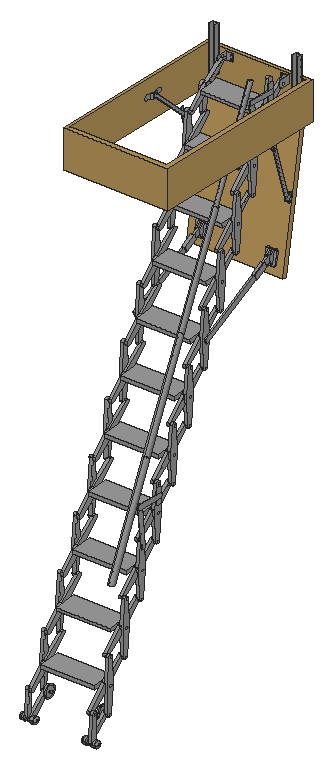
Revit family "schaartrap_Large 700x1200 mm", category Generic Models, Revit 2019
Family settings
  Can host rebar = No
  Round Connector Dimension = Use Diameter
  Part Type = Normal
  Work Plane-Based = Yes
  Always vertical = Yes
  Cut with Voids When Loaded = No
  Shared = Yes
  Room Calculation Point = No
Parameters
  schaartrap = gietaluminium
  deksel = hout
  bovenliggende treden = yes
  URL = "https://www.gortergroup.com/nl/producten/ladders-en-trappen/schaartrappen/large.html"
  Model = "Large 700x1200mm"  # constant formula
  Default Elevation = 1219.2 mm
Reference planes
  plane 1 "Center (Front/Back)": y = 0
  plane 2: z = 0
  plane 3 "Center (Left/Right)": x = 0
  plane 4: x = 183
  plane 5: x = -183
  plane 6: x = 203
  plane 7: x = 223
  plane 8: x = -203
  plane 9: x = -223
  plane 10: x = -176.5
  plane 11: x = 176.5
  plane 12: z = 3000.001
  plane 13: x = 342.5
  plane 14: x = -342.5
  plane 15: x = 176.5
  plane 16: x = 317.5
  plane 17: x = -317.5
  plane 18: x = 187
  plane 19: z = 3135.001
  plane 20: z = 3165.001
  plane 21: z = 3150.001
  plane 22: y = 1666.757
  plane 23: y = 476.757
  plane 24 "traplijn": through (0, 1385.188, 3125.362) normal (0, -0.9072, 0.4206)
  plane 25 "Center L/S": z = 3250.001
Forms (mm)
  Extrusion 1, solid, material "gietaluminium" <- "schaartrap", not visible
    sketch origin (0, 729.606, 0) x (0, 1, 0) y (0, 0, 1)
      loop
        arc (550.894, 624.877) -> (536.104, 624.358) -> (535.211, 609.585) r 11.002
        line (535.211, 609.585) -> (661.699, 491.815)
        arc (661.699, 491.815) -> (682.05, 493.563) -> (681.917, 513.988) r 15.051
        line (681.917, 513.988) -> (550.894, 624.877)
      loop
        arc (544.549, 753.068) -> (601.811, 706.763) -> (661.548, 663.697) r 1330.136
        arc (661.548, 663.697) -> (675.956, 665.49) -> (676.035, 680.01) r 11
        arc (676.035, 680.01) -> (619.059, 741.548) -> (558.318, 799.374) r 1330.136
        arc (558.318, 799.374) -> (490.797, 855.808) -> (419.689, 907.649) r 1330.136
        arc (419.689, 907.649) -> (405.399, 905.986) -> (404.977, 891.605) r 11
        arc (404.977, 891.605) -> (472.199, 819.754) -> (544.549, 753.068) r 1330.136
      loop
        arc (413.302, 1035.892) -> (470.565, 989.587) -> (530.302, 946.521) r 1330.136
        arc (530.302, 946.521) -> (544.71, 948.315) -> (544.788, 962.834) r 11
        arc (544.788, 962.834) -> (487.812, 1024.372) -> (427.071, 1082.198) r 1330.136
        arc (427.071, 1082.198) -> (359.551, 1138.633) -> (288.442, 1190.474) r 1330.136
        arc (288.442, 1190.474) -> (274.152, 1188.811) -> (273.73, 1174.43) r 11
        arc (273.73, 1174.43) -> (340.952, 1102.578) -> (413.302, 1035.892) r 1330.136
      loop
        arc (282.056, 1318.725) -> (339.318, 1272.419) -> (399.055, 1229.353) r 1330.136
        arc (399.055, 1229.353) -> (413.464, 1231.147) -> (413.542, 1245.666) r 11
        arc (413.542, 1245.666) -> (356.566, 1307.204) -> (295.825, 1365.03) r 1330.136
        arc (295.825, 1365.03) -> (228.305, 1421.465) -> (157.196, 1473.306) r 1330.136
        arc (157.196, 1473.306) -> (142.906, 1471.643) -> (142.484, 1457.262) r 11
        arc (142.484, 1457.262) -> (209.706, 1385.41) -> (282.056, 1318.725) r 1330.136
      loop
        arc (150.811, 1601.564) -> (208.073, 1555.259) -> (267.81, 1512.193) r 1330.136
        arc (267.81, 1512.193) -> (282.218, 1513.987) -> (282.297, 1528.506) r 11
        arc (282.297, 1528.506) -> (225.321, 1590.044) -> (164.58, 1647.87) r 1330.136
        arc (164.58, 1647.87) -> (97.059, 1704.304) -> (25.951, 1756.145) r 1330.136
        arc (25.951, 1756.145) -> (11.661, 1754.482) -> (11.238, 1740.102) r 11
        arc (11.238, 1740.102) -> (78.461, 1668.25) -> (150.811, 1601.564) r 1330.136
      loop
        arc (19.564, 1884.389) -> (76.826, 1838.083) -> (136.563, 1795.017) r 1330.136
        arc (136.563, 1795.017) -> (150.972, 1796.811) -> (151.05, 1811.33) r 11
        arc (151.05, 1811.33) -> (94.074, 1872.869) -> (33.333, 1930.694) r 1330.136
        arc (33.333, 1930.694) -> (-34.188, 1987.129) -> (-105.296, 2038.97) r 1330.136
        arc (-105.296, 2038.97) -> (-119.586, 2037.307) -> (-120.008, 2022.926) r 11
        arc (-120.008, 2022.926) -> (-52.786, 1951.074) -> (19.564, 1884.389) r 1330.136
      loop
        arc (-111.682, 2167.221) -> (-54.42, 2120.915) -> (5.317, 2077.85) r 1330.136
        arc (5.317, 2077.85) -> (19.725, 2079.643) -> (19.804, 2094.162) r 11
        arc (19.804, 2094.162) -> (-37.172, 2155.701) -> (-97.913, 2213.526) r 1330.136
        arc (-97.913, 2213.526) -> (-165.434, 2269.961) -> (-236.542, 2321.802) r 1330.136
        arc (-236.542, 2321.802) -> (-250.832, 2320.139) -> (-251.255, 2305.758) r 11
        arc (-251.255, 2305.758) -> (-184.032, 2233.906) -> (-111.682, 2167.221) r 1330.136
      loop
        arc (-242.928, 2450.053) -> (-185.666, 2403.747) -> (-125.929, 2360.682) r 1330.136
        arc (-125.929, 2360.682) -> (-111.521, 2362.475) -> (-111.442, 2376.994) r 11
        arc (-111.442, 2376.994) -> (-168.418, 2438.533) -> (-229.159, 2496.358) r 1330.136
        arc (-229.159, 2496.358) -> (-296.68, 2552.793) -> (-367.788, 2604.634) r 1330.136
        arc (-367.788, 2604.634) -> (-382.078, 2602.971) -> (-382.501, 2588.59) r 11
        arc (-382.501, 2588.59) -> (-315.278, 2516.738) -> (-242.928, 2450.053) r 1330.136
      loop
        arc (-374.174, 2732.885) -> (-316.912, 2686.579) -> (-257.175, 2643.514) r 1330.136
        arc (-257.175, 2643.514) -> (-242.767, 2645.307) -> (-242.688, 2659.826) r 11
        arc (-242.688, 2659.826) -> (-299.664, 2721.365) -> (-360.405, 2779.19) r 1330.136
        arc (-360.405, 2779.19) -> (-427.926, 2835.625) -> (-499.034, 2887.466) r 1330.136
        arc (-499.034, 2887.466) -> (-513.324, 2885.803) -> (-513.747, 2871.422) r 11
        arc (-513.747, 2871.422) -> (-446.524, 2799.571) -> (-374.174, 2732.885) r 1330.136
      loop
        arc (-505.42, 3015.717) -> (-448.158, 2969.411) -> (-388.421, 2926.346) r 1330.136
        arc (-388.421, 2926.346) -> (-374.013, 2928.139) -> (-373.934, 2942.658) r 11
        arc (-373.934, 2942.658) -> (-430.911, 3004.197) -> (-491.651, 3062.022) r 1330.136
        arc (-491.651, 3062.022) -> (-559.172, 3118.457) -> (-630.28, 3170.298) r 1330.136
        arc (-630.28, 3170.298) -> (-644.571, 3168.635) -> (-644.993, 3154.254) r 11
        arc (-644.993, 3154.254) -> (-577.77, 3082.403) -> (-505.42, 3015.717) r 1330.136
      loop
        arc (-636.666, 3298.549) -> (-579.404, 3252.243) -> (-519.667, 3209.178) r 1330.136
        arc (-519.667, 3209.178) -> (-505.259, 3210.971) -> (-505.181, 3225.49) r 11
        arc (-505.181, 3225.49) -> (-562.157, 3287.029) -> (-622.897, 3344.854) r 1330.136
        arc (-622.897, 3344.854) -> (-690.418, 3401.289) -> (-761.526, 3453.13) r 1330.136
        arc (-761.526, 3453.13) -> (-775.817, 3451.467) -> (-776.239, 3437.086) r 11
        arc (-776.239, 3437.086) -> (-709.016, 3365.235) -> (-636.666, 3298.549) r 1330.136
      loop
        arc (-771.25, 3572.827) -> (-711.901, 3530.426) -> (-650.317, 3491.343) r 1329.855
        arc (-650.317, 3491.343) -> (-636.315, 3493.932) -> (-637.08, 3508.15) r 10.786
        arc (-637.08, 3508.15) -> (-697.654, 3566.262) -> (-761.773, 3620.437) r 1330.167
        line (-761.773, 3620.437) -> (-898.357, 3713.664)
        arc (-898.357, 3713.664) -> (-912.875, 3711.778) -> (-912.66, 3697.139) r 11
        arc (-912.66, 3697.139) -> (-844.159, 3632.476) -> (-771.25, 3572.827) r 1329.46
    from 366 to 386
  Extrusion 2, solid, material "gietaluminium" <- "schaartrap", not visible
    sketch origin (0, 729.606, 0) x (0, 1, 0) y (0, 0, 1)
      loop
        line (686.845, 503.622) -> (678.728, 673.062)
        arc (678.728, 673.062) -> (667.464, 683.791) -> (656.735, 672.527) r 11
        line (656.735, 672.527) -> (656.868, 499.109)
        arc (656.868, 499.109) -> (673.811, 487.901) -> (686.687, 503.614) r 15.158
      loop
        arc (547.356, 957.309) -> (536.218, 966.623) -> (525.546, 956.779) r 11
        arc (525.546, 956.779) -> (518.626, 785.142) -> (533.882, 614.045) r 1330.136
        arc (533.882, 614.045) -> (545.02, 604.73) -> (555.692, 614.575) r 11
        arc (555.692, 614.575) -> (562.613, 786.212) -> (547.356, 957.309) r 1330.136
      loop
        arc (416.109, 1240.133) -> (404.971, 1249.448) -> (394.299, 1239.603) r 11
        arc (394.299, 1239.603) -> (387.379, 1067.966) -> (402.635, 896.869) r 1330.136
        arc (402.635, 896.869) -> (413.773, 887.555) -> (424.445, 897.4) r 11
        arc (424.445, 897.4) -> (431.366, 1069.036) -> (416.109, 1240.133) r 1330.136
      loop
        arc (284.863, 1522.965) -> (273.725, 1532.28) -> (263.053, 1522.435) r 11
        arc (263.053, 1522.435) -> (256.133, 1350.798) -> (271.389, 1179.701) r 1330.136
        arc (271.389, 1179.701) -> (282.527, 1170.387) -> (293.199, 1180.232) r 11
        arc (293.199, 1180.232) -> (300.12, 1351.868) -> (284.863, 1522.965) r 1330.136
      loop
        arc (22.371, 2088.63) -> (11.233, 2097.944) -> (0.561, 2088.099) r 11
        arc (0.561, 2088.099) -> (-6.359, 1916.463) -> (8.897, 1745.365) r 1330.136
        arc (8.897, 1745.365) -> (20.035, 1736.051) -> (30.707, 1745.896) r 11
        arc (30.707, 1745.896) -> (37.628, 1917.532) -> (22.371, 2088.63) r 1330.136
      loop
        arc (153.618, 1805.805) -> (142.48, 1815.12) -> (131.808, 1805.275) r 11
        arc (131.808, 1805.275) -> (124.887, 1633.638) -> (140.144, 1462.541) r 1330.136
        arc (140.144, 1462.541) -> (151.282, 1453.227) -> (161.954, 1463.071) r 11
        arc (161.954, 1463.071) -> (168.874, 1634.708) -> (153.618, 1805.805) r 1330.136
      loop
        arc (-240.122, 2654.286) -> (-251.26, 2663.6) -> (-261.932, 2653.756) r 11
        arc (-261.932, 2653.756) -> (-268.852, 2482.119) -> (-253.596, 2311.022) r 1330.136
        arc (-253.596, 2311.022) -> (-242.458, 2301.707) -> (-231.786, 2311.552) r 11
        arc (-231.786, 2311.552) -> (-224.865, 2483.189) -> (-240.122, 2654.286) r 1330.136
      loop
        arc (-371.368, 2937.118) -> (-382.506, 2946.432) -> (-393.178, 2936.588) r 11
        arc (-393.178, 2936.588) -> (-400.098, 2764.951) -> (-384.842, 2593.854) r 1330.136
        arc (-384.842, 2593.854) -> (-373.704, 2584.539) -> (-363.032, 2594.384) r 11
        arc (-363.032, 2594.384) -> (-356.111, 2766.021) -> (-371.368, 2937.118) r 1330.136
      loop
        arc (-502.614, 3219.95) -> (-513.752, 3229.264) -> (-524.424, 3219.42) r 11
        arc (-524.424, 3219.42) -> (-531.344, 3047.783) -> (-516.088, 2876.686) r 1330.136
        arc (-516.088, 2876.686) -> (-504.95, 2867.372) -> (-494.278, 2877.216) r 11
        arc (-494.278, 2877.216) -> (-487.357, 3048.853) -> (-502.614, 3219.95) r 1330.136
      loop
        arc (-108.875, 2371.462) -> (-120.013, 2380.776) -> (-130.685, 2370.931) r 11
        arc (-130.685, 2370.931) -> (-137.605, 2199.295) -> (-122.349, 2028.197) r 1330.136
        arc (-122.349, 2028.197) -> (-111.211, 2018.883) -> (-100.539, 2028.728) r 11
        arc (-100.539, 2028.728) -> (-93.618, 2200.364) -> (-108.875, 2371.462) r 1330.136
      loop
        arc (-633.86, 3502.782) -> (-644.998, 3512.097) -> (-655.67, 3502.252) r 11
        arc (-655.67, 3502.252) -> (-662.59, 3330.615) -> (-647.334, 3159.518) r 1330.136
        arc (-647.334, 3159.518) -> (-636.196, 3150.204) -> (-625.524, 3160.048) r 11
        arc (-625.524, 3160.048) -> (-618.603, 3331.685) -> (-633.86, 3502.782) r 1330.136
    from 386 to 406
  Extrusion 3, solid, material "gietaluminium" <- "schaartrap", not visible
    sketch origin (0, 729.606, 0) x (0, 1, 0) y (0, 0, 1)
      loop
        circle (667.732, 672.795) r 5.05
      loop
        circle (544.613, 615.679) r 5
      loop
        circle (540.619, 785.677) r 5.05
      loop
        circle (413.507, 898.559) r 5.05
      loop
        circle (536.486, 955.627) r 5.05
      loop
        circle (409.373, 1068.509) r 5.05
      loop
        circle (282.261, 1181.391) r 5.05
      loop
        circle (405.239, 1238.459) r 5.05
      loop
        circle (278.127, 1351.341) r 5.05
      loop
        circle (151.014, 1464.223) r 5.05
      loop
        circle (146.881, 1634.173) r 5.05
      loop
        circle (142.747, 1804.123) r 5.05
      loop
        circle (19.768, 1747.055) r 5.05
      loop
        circle (15.635, 1917.005) r 5.05
      loop
        circle (11.501, 2086.955) r 5.05
      loop
        circle (-111.478, 2029.887) r 5.05
      loop
        circle (-115.611, 2199.837) r 5.05
      loop
        circle (-119.745, 2369.787) r 5.05
      loop
        circle (-242.724, 2312.72) r 5.05
      loop
        circle (-246.857, 2482.669) r 5.05
      loop
        circle (-250.991, 2652.619) r 5.05
      loop
        circle (-373.97, 2595.552) r 5.05
      loop
        circle (-378.103, 2765.501) r 5.05
      loop
        circle (-382.237, 2935.451) r 5.05
      loop
        circle (-505.216, 2878.384) r 5.05
      loop
        circle (-509.349, 3048.333) r 5.05
      loop
        circle (-513.483, 3218.283) r 5.05
      loop
        circle (-636.462, 3161.216) r 5.05
      loop
        circle (-640.596, 3331.165) r 5.05
      loop
        circle (-644.729, 3501.115) r 5.05
    from 406 to 411
  Extrusion 4, solid, material "gietaluminium" <- "schaartrap"
    sketch origin (0, 1421.409, -482.845) x (0, -1, 0) y (0, 0, -1)
      loop
        line (1339.959, -796.561) -> (1337.84, -772.662) -> (1201.376, -784.762) -> (1203.495, -808.66) -> (1339.959, -796.561)
      loop
        line (1208.712, -1079.385) -> (1206.594, -1055.487) -> (1070.129, -1067.586) -> (1072.248, -1091.484) -> (1208.712, -1079.385)
      loop
        line (946.221, -1645.057) -> (944.102, -1621.159) -> (807.637, -1633.258) -> (809.756, -1657.156) -> (946.221, -1645.057)
      loop
        line (1077.466, -1362.217) -> (1075.347, -1338.319) -> (938.883, -1350.418) -> (941.002, -1374.317) -> (1077.466, -1362.217)
      loop
        line (814.974, -1927.881) -> (812.855, -1903.983) -> (676.391, -1916.082) -> (678.51, -1939.981) -> (814.974, -1927.881)
      loop
        line (683.728, -2210.713) -> (681.609, -2186.815) -> (545.145, -2198.914) -> (547.263, -2222.813) -> (683.728, -2210.713)
      loop
        line (552.482, -2493.546) -> (550.363, -2469.647) -> (413.898, -2481.746) -> (416.017, -2505.645) -> (552.482, -2493.546)
      loop
        line (421.236, -2776.378) -> (419.117, -2752.479) -> (282.652, -2764.578) -> (284.771, -2788.477) -> (421.236, -2776.378)
      loop
        line (289.99, -3059.21) -> (287.871, -3035.311) -> (151.406, -3047.41) -> (153.525, -3071.309) -> (289.99, -3059.21)
      loop
        line (158.744, -3342.042) -> (156.625, -3318.143) -> (20.16, -3330.242) -> (22.279, -3354.141) -> (158.744, -3342.042)
      loop
        line (27.498, -3607.374) -> (25.379, -3583.475) -> (-111.086, -3595.574) -> (-108.967, -3619.473) -> (27.498, -3607.374)
    from -176.5 to 176.5
  Extrusion 5, solid, material "gietaluminium" <- "schaartrap", not visible
    sketch origin (-7, 2496.627, 468.641) x (0, 1, 0) y (0, 0, 1)
      loop
        arc (-1198.101, 115.163) -> (-1183.936, 158.467) -> (-1219.504, 186.941) r 40
        arc (-1219.504, 186.941) -> (-1260.6, 135.606) -> (-1198.101, 115.163) r 40
      loop
        arc (-1200.948, 116.796) -> (-1186.85, 157.739) -> (-1221.263, 184.023) r 37
        arc (-1221.263, 184.023) -> (-1257.686, 136.334) -> (-1200.948, 116.796) r 37
    from 359 to 370
  Extrusion 6, solid, material "gietaluminium" <- "schaartrap", not visible
    sketch origin (183, 2496.627, 468.641) x (0, 1, 0) y (0, 0, 1)
      loop
        arc (-1221.263, 184.023) -> (-1257.686, 136.334) -> (-1200.948, 116.796) r 37
        arc (-1200.948, 116.796) -> (-1186.85, 157.739) -> (-1221.263, 184.023) r 37
    from 173 to 176.5
  Extrusion 7, solid, material "gietaluminium" <- "schaartrap", not visible
    sketch origin (701, 2496.627, 468.641) x (0, 1, 0) y (0, 0, -1)
      loop
        circle (-1222.268, -147.037) r 5
    from 359 to 335
  Extrusion 8, solid, material "gietaluminium" <- "schaartrap"
    sketch origin (183, 691.803, -482.845) x (0, -1, 0) y (0, 0, 1)
      loop
        arc (550.894, 624.877) -> (536.104, 624.358) -> (535.211, 609.585) r 11.002
        line (535.211, 609.585) -> (661.699, 491.815)
        arc (661.699, 491.815) -> (682.05, 493.563) -> (681.917, 513.988) r 15.051
        line (681.917, 513.988) -> (550.894, 624.877)
      loop
        arc (544.549, 753.068) -> (601.811, 706.763) -> (661.548, 663.697) r 1330.136
        arc (661.548, 663.697) -> (675.956, 665.49) -> (676.035, 680.01) r 11
        arc (676.035, 680.01) -> (619.059, 741.548) -> (558.318, 799.374) r 1330.136
        arc (558.318, 799.374) -> (490.797, 855.808) -> (419.689, 907.649) r 1330.136
        arc (419.689, 907.649) -> (405.399, 905.986) -> (404.977, 891.605) r 11
        arc (404.977, 891.605) -> (472.199, 819.754) -> (544.549, 753.068) r 1330.136
      loop
        arc (413.302, 1035.892) -> (470.565, 989.587) -> (530.302, 946.521) r 1330.136
        arc (530.302, 946.521) -> (544.71, 948.315) -> (544.788, 962.834) r 11
        arc (544.788, 962.834) -> (487.812, 1024.372) -> (427.071, 1082.198) r 1330.136
        arc (427.071, 1082.198) -> (359.551, 1138.633) -> (288.442, 1190.474) r 1330.136
        arc (288.442, 1190.474) -> (274.152, 1188.811) -> (273.73, 1174.43) r 11
        arc (273.73, 1174.43) -> (340.952, 1102.578) -> (413.302, 1035.892) r 1330.136
      loop
        arc (282.056, 1318.725) -> (339.318, 1272.419) -> (399.055, 1229.353) r 1330.136
        arc (399.055, 1229.353) -> (413.464, 1231.147) -> (413.542, 1245.666) r 11
        arc (413.542, 1245.666) -> (356.566, 1307.204) -> (295.825, 1365.03) r 1330.136
        arc (295.825, 1365.03) -> (228.305, 1421.465) -> (157.196, 1473.306) r 1330.136
        arc (157.196, 1473.306) -> (142.906, 1471.643) -> (142.484, 1457.262) r 11
        arc (142.484, 1457.262) -> (209.706, 1385.41) -> (282.056, 1318.725) r 1330.136
      loop
        arc (150.811, 1601.564) -> (208.073, 1555.259) -> (267.81, 1512.193) r 1330.136
        arc (267.81, 1512.193) -> (282.218, 1513.987) -> (282.297, 1528.506) r 11
        arc (282.297, 1528.506) -> (225.321, 1590.044) -> (164.58, 1647.87) r 1330.136
        arc (164.58, 1647.87) -> (97.059, 1704.304) -> (25.951, 1756.145) r 1330.136
        arc (25.951, 1756.145) -> (11.661, 1754.482) -> (11.238, 1740.102) r 11
        arc (11.238, 1740.102) -> (78.461, 1668.25) -> (150.811, 1601.564) r 1330.136
      loop
        arc (19.564, 1884.389) -> (76.826, 1838.083) -> (136.563, 1795.017) r 1330.136
        arc (136.563, 1795.017) -> (150.972, 1796.811) -> (151.05, 1811.33) r 11
        arc (151.05, 1811.33) -> (94.074, 1872.869) -> (33.333, 1930.694) r 1330.136
        arc (33.333, 1930.694) -> (-34.188, 1987.129) -> (-105.296, 2038.97) r 1330.136
        arc (-105.296, 2038.97) -> (-119.586, 2037.307) -> (-120.008, 2022.926) r 11
        arc (-120.008, 2022.926) -> (-52.786, 1951.074) -> (19.564, 1884.389) r 1330.136
      loop
        arc (-111.682, 2167.221) -> (-54.42, 2120.915) -> (5.317, 2077.85) r 1330.136
        arc (5.317, 2077.85) -> (19.725, 2079.643) -> (19.804, 2094.162) r 11
        arc (19.804, 2094.162) -> (-37.172, 2155.701) -> (-97.913, 2213.526) r 1330.136
        arc (-97.913, 2213.526) -> (-165.434, 2269.961) -> (-236.542, 2321.802) r 1330.136
        arc (-236.542, 2321.802) -> (-250.832, 2320.139) -> (-251.255, 2305.758) r 11
        arc (-251.255, 2305.758) -> (-184.032, 2233.906) -> (-111.682, 2167.221) r 1330.136
      loop
        arc (-242.928, 2450.053) -> (-185.666, 2403.747) -> (-125.929, 2360.682) r 1330.136
        arc (-125.929, 2360.682) -> (-111.521, 2362.475) -> (-111.442, 2376.994) r 11
        arc (-111.442, 2376.994) -> (-168.418, 2438.533) -> (-229.159, 2496.358) r 1330.136
        arc (-229.159, 2496.358) -> (-296.68, 2552.793) -> (-367.788, 2604.634) r 1330.136
        arc (-367.788, 2604.634) -> (-382.078, 2602.971) -> (-382.501, 2588.59) r 11
        arc (-382.501, 2588.59) -> (-315.278, 2516.738) -> (-242.928, 2450.053) r 1330.136
      loop
        arc (-374.174, 2732.885) -> (-316.912, 2686.579) -> (-257.175, 2643.514) r 1330.136
        arc (-257.175, 2643.514) -> (-242.767, 2645.307) -> (-242.688, 2659.826) r 11
        arc (-242.688, 2659.826) -> (-299.664, 2721.365) -> (-360.405, 2779.19) r 1330.136
        arc (-360.405, 2779.19) -> (-427.926, 2835.625) -> (-499.034, 2887.466) r 1330.136
        arc (-499.034, 2887.466) -> (-513.324, 2885.803) -> (-513.747, 2871.422) r 11
        arc (-513.747, 2871.422) -> (-446.524, 2799.571) -> (-374.174, 2732.885) r 1330.136
      loop
        arc (-505.42, 3015.717) -> (-448.158, 2969.411) -> (-388.421, 2926.346) r 1330.136
        arc (-388.421, 2926.346) -> (-374.013, 2928.139) -> (-373.934, 2942.658) r 11
        arc (-373.934, 2942.658) -> (-430.911, 3004.197) -> (-491.651, 3062.022) r 1330.136
        arc (-491.651, 3062.022) -> (-559.172, 3118.457) -> (-630.28, 3170.298) r 1330.136
        arc (-630.28, 3170.298) -> (-644.571, 3168.635) -> (-644.993, 3154.254) r 11
        arc (-644.993, 3154.254) -> (-577.77, 3082.403) -> (-505.42, 3015.717) r 1330.136
      loop
        arc (-636.666, 3298.549) -> (-579.404, 3252.243) -> (-519.667, 3209.178) r 1330.136
        arc (-519.667, 3209.178) -> (-505.259, 3210.971) -> (-505.181, 3225.49) r 11
        arc (-505.181, 3225.49) -> (-562.157, 3287.029) -> (-622.897, 3344.854) r 1330.136
        arc (-622.897, 3344.854) -> (-690.418, 3401.289) -> (-761.526, 3453.13) r 1330.136
        arc (-761.526, 3453.13) -> (-775.817, 3451.467) -> (-776.239, 3437.086) r 11
        arc (-776.239, 3437.086) -> (-709.016, 3365.235) -> (-636.666, 3298.549) r 1330.136
      loop
        arc (-771.25, 3572.827) -> (-711.901, 3530.426) -> (-650.317, 3491.343) r 1329.855
        arc (-650.317, 3491.343) -> (-636.315, 3493.932) -> (-637.08, 3508.15) r 10.786
        arc (-637.08, 3508.15) -> (-697.654, 3566.262) -> (-761.773, 3620.437) r 1330.167
        line (-761.773, 3620.437) -> (-898.357, 3713.664)
        arc (-898.357, 3713.664) -> (-912.875, 3711.778) -> (-912.66, 3697.139) r 11
        arc (-912.66, 3697.139) -> (-844.159, 3632.476) -> (-771.25, 3572.827) r 1329.46
    from 366 to 386
  Extrusion 9, solid, material "gietaluminium" <- "schaartrap"
    sketch origin (183, 691.803, -482.845) x (0, -1, 0) y (0, 0, 1)
      loop
        line (686.845, 503.622) -> (678.728, 673.062)
        arc (678.728, 673.062) -> (667.464, 683.791) -> (656.735, 672.527) r 11
        line (656.735, 672.527) -> (656.868, 499.109)
        arc (656.868, 499.109) -> (673.811, 487.901) -> (686.687, 503.614) r 15.158
      loop
        arc (547.356, 957.309) -> (536.218, 966.623) -> (525.546, 956.779) r 11
        arc (525.546, 956.779) -> (518.626, 785.142) -> (533.882, 614.045) r 1330.136
        arc (533.882, 614.045) -> (545.02, 604.73) -> (555.692, 614.575) r 11
        arc (555.692, 614.575) -> (562.613, 786.212) -> (547.356, 957.309) r 1330.136
      loop
        arc (416.109, 1240.133) -> (404.971, 1249.448) -> (394.299, 1239.603) r 11
        arc (394.299, 1239.603) -> (387.379, 1067.966) -> (402.635, 896.869) r 1330.136
        arc (402.635, 896.869) -> (413.773, 887.555) -> (424.445, 897.4) r 11
        arc (424.445, 897.4) -> (431.366, 1069.036) -> (416.109, 1240.133) r 1330.136
      loop
        arc (284.863, 1522.965) -> (273.725, 1532.28) -> (263.053, 1522.435) r 11
        arc (263.053, 1522.435) -> (256.133, 1350.798) -> (271.389, 1179.701) r 1330.136
        arc (271.389, 1179.701) -> (282.527, 1170.387) -> (293.199, 1180.232) r 11
        arc (293.199, 1180.232) -> (300.12, 1351.868) -> (284.863, 1522.965) r 1330.136
      loop
        arc (22.371, 2088.63) -> (11.233, 2097.944) -> (0.561, 2088.099) r 11
        arc (0.561, 2088.099) -> (-6.359, 1916.463) -> (8.897, 1745.365) r 1330.136
        arc (8.897, 1745.365) -> (20.035, 1736.051) -> (30.707, 1745.896) r 11
        arc (30.707, 1745.896) -> (37.628, 1917.532) -> (22.371, 2088.63) r 1330.136
      loop
        arc (153.618, 1805.805) -> (142.48, 1815.12) -> (131.808, 1805.275) r 11
        arc (131.808, 1805.275) -> (124.887, 1633.638) -> (140.144, 1462.541) r 1330.136
        arc (140.144, 1462.541) -> (151.282, 1453.227) -> (161.954, 1463.071) r 11
        arc (161.954, 1463.071) -> (168.874, 1634.708) -> (153.618, 1805.805) r 1330.136
      loop
        arc (-240.122, 2654.286) -> (-251.26, 2663.6) -> (-261.932, 2653.756) r 11
        arc (-261.932, 2653.756) -> (-268.852, 2482.119) -> (-253.596, 2311.022) r 1330.136
        arc (-253.596, 2311.022) -> (-242.458, 2301.707) -> (-231.786, 2311.552) r 11
        arc (-231.786, 2311.552) -> (-224.865, 2483.189) -> (-240.122, 2654.286) r 1330.136
      loop
        arc (-371.368, 2937.118) -> (-382.506, 2946.432) -> (-393.178, 2936.588) r 11
        arc (-393.178, 2936.588) -> (-400.098, 2764.951) -> (-384.842, 2593.854) r 1330.136
        arc (-384.842, 2593.854) -> (-373.704, 2584.539) -> (-363.032, 2594.384) r 11
        arc (-363.032, 2594.384) -> (-356.111, 2766.021) -> (-371.368, 2937.118) r 1330.136
      loop
        arc (-502.614, 3219.95) -> (-513.752, 3229.264) -> (-524.424, 3219.42) r 11
        arc (-524.424, 3219.42) -> (-531.344, 3047.783) -> (-516.088, 2876.686) r 1330.136
        arc (-516.088, 2876.686) -> (-504.95, 2867.372) -> (-494.278, 2877.216) r 11
        arc (-494.278, 2877.216) -> (-487.357, 3048.853) -> (-502.614, 3219.95) r 1330.136
      loop
        arc (-108.875, 2371.462) -> (-120.013, 2380.776) -> (-130.685, 2370.931) r 11
        arc (-130.685, 2370.931) -> (-137.605, 2199.295) -> (-122.349, 2028.197) r 1330.136
        arc (-122.349, 2028.197) -> (-111.211, 2018.883) -> (-100.539, 2028.728) r 11
        arc (-100.539, 2028.728) -> (-93.618, 2200.364) -> (-108.875, 2371.462) r 1330.136
      loop
        arc (-633.86, 3502.782) -> (-644.998, 3512.097) -> (-655.67, 3502.252) r 11
        arc (-655.67, 3502.252) -> (-662.59, 3330.615) -> (-647.334, 3159.518) r 1330.136
        arc (-647.334, 3159.518) -> (-636.196, 3150.204) -> (-625.524, 3160.048) r 11
        arc (-625.524, 3160.048) -> (-618.603, 3331.685) -> (-633.86, 3502.782) r 1330.136
    from 386 to 406
  Extrusion 10, solid, material "gietaluminium" <- "schaartrap"
    sketch origin (183, 691.803, -482.845) x (0, -1, 0) y (0, 0, 1)
      loop
        circle (667.732, 672.795) r 5.05
      loop
        circle (544.613, 615.679) r 5
      loop
        circle (540.619, 785.677) r 5.05
      loop
        circle (413.507, 898.559) r 5.05
      loop
        circle (536.486, 955.627) r 5.05
      loop
        circle (409.373, 1068.509) r 5.05
      loop
        circle (282.261, 1181.391) r 5.05
      loop
        circle (405.239, 1238.459) r 5.05
      loop
        circle (278.127, 1351.341) r 5.05
      loop
        circle (151.014, 1464.223) r 5.05
      loop
        circle (146.881, 1634.173) r 5.05
      loop
        circle (142.747, 1804.123) r 5.05
      loop
        circle (19.768, 1747.055) r 5.05
      loop
        circle (15.635, 1917.005) r 5.05
      loop
        circle (11.501, 2086.955) r 5.05
      loop
        circle (-111.478, 2029.887) r 5.05
      loop
        circle (-115.611, 2199.837) r 5.05
      loop
        circle (-119.745, 2369.787) r 5.05
      loop
        circle (-242.724, 2312.72) r 5.05
      loop
        circle (-246.857, 2482.669) r 5.05
      loop
        circle (-250.991, 2652.619) r 5.05
      loop
        circle (-373.97, 2595.552) r 5.05
      loop
        circle (-378.103, 2765.501) r 5.05
      loop
        circle (-382.237, 2935.451) r 5.05
      loop
        circle (-505.216, 2878.384) r 5.05
      loop
        circle (-509.349, 3048.333) r 5.05
      loop
        circle (-513.483, 3218.283) r 5.05
      loop
        circle (-636.462, 3161.216) r 5.05
      loop
        circle (-640.596, 3331.165) r 5.05
      loop
        circle (-644.729, 3501.115) r 5.05
    from 406 to 411
  Extrusion 11, solid, material "gietaluminium" <- "schaartrap"
    sketch origin (190, -1075.218, -14.204) x (0, -1, 0) y (0, 0, 1)
      loop
        arc (-1198.101, 115.163) -> (-1183.936, 158.467) -> (-1219.504, 186.941) r 40
        arc (-1219.504, 186.941) -> (-1260.6, 135.606) -> (-1198.101, 115.163) r 40
      loop
        arc (-1200.948, 116.796) -> (-1186.85, 157.739) -> (-1221.263, 184.023) r 37
        arc (-1221.263, 184.023) -> (-1257.686, 136.334) -> (-1200.948, 116.796) r 37
    from 359 to 370
  Extrusion 12, solid, material "gietaluminium" <- "schaartrap"
    sketch origin (0, -1075.218, -14.204) x (0, -1, 0) y (0, 0, 1)
      loop
        arc (-1221.263, 184.023) -> (-1257.686, 136.334) -> (-1200.948, 116.796) r 37
        arc (-1200.948, 116.796) -> (-1186.85, 157.739) -> (-1221.263, 184.023) r 37
    from 173 to 176.5
  Extrusion 13, solid, material "gietaluminium" <- "schaartrap"
    sketch origin (-518, -1075.218, -14.204) x (0, -1, 0) y (0, 0, -1)
      loop
        circle (-1222.268, -147.037) r 5
    from 359 to 335
  Extrusion 14, solid, material "hout" <- "deksel"
    sketch origin (0, 566.635, 0) x (0, 1, 0) y (0, 0, 1)
      loop
        line (1057.928, 2991.895) -> (1034.293, 2996.062) -> (887.386, 2162.915) -> (911.022, 2158.748) -> (1057.928, 2991.895)
    from -317.5 to 317.5
  Sweep 15, solid, material "hout" <- "deksel"
    path origin (0, 566.635, 3320.001) x (0, 1, 0) y (-1, 0, 0)
      loop
        line (1100.122, 342.5) -> (-89.878, 342.5) -> (-89.878, -342.5) -> (1100.122, -342.5) -> (1100.122, 342.5)
    profile origin (0, 1666.757, 3320.001) x (0, 1, 0) y (0, 0, 1)
      loop
        line (0, -70) -> (-24, -70) -> (-24, -320) -> (0, -320) -> (0, -70)
  Sweep 16, solid, material "gietaluminium" <- "schaartrap"
    path origin (216.86, -45.119, -481.845) x (0, 0.998572, -0.053426) y (0, 0.053426, 0.998572)
      loop
        line (138.969, 1377.523) -> (396.642, 2020.838)
    profile origin (216.86, 313.084, 1200.601) x (0, -0.907114, 0.420886) y (1, 0, 0)
      loop
        circle (0, 0) r 20
  Sweep 17, solid, material "gietaluminium" <- "schaartrap"
    path origin (216.86, 203.624, 54.259) x (0, 0.998572, -0.053426) y (0, 0.053426, 0.998572)
      loop
        line (176.895, 1472.21) -> (425.701, 2093.387)
    profile origin (216.86, 599.739, 1818.415) x (0, -0.907114, 0.420886) y (1, 0, 0)
      loop
        circle (0, 0) r 17.5
  Sweep 18, solid, material "gietaluminium" <- "schaartrap"
    path origin (216.86, 416.228, 512.473) x (0, 0.998572, -0.053426) y (0, 0.053426, 0.998572)
      loop
        line (237.881, 1624.47) -> (491.137, 2256.757)
    profile origin (216.86, 883.895, 2430.841) x (0, -0.907114, 0.420886) y (1, 0, 0)
      loop
        circle (0, 0) r 15
  Sweep 19, solid, material "gietaluminium" <- "schaartrap"
    path origin (216.86, 627.964, 968.817) x (0, 0.998572, -0.053426) y (0, 0.053426, 0.998572)
      loop
        line (304.083, 1789.753) -> (557.416, 2422.233)
    profile origin (216.86, 1170.613, 3048.789) x (0, -0.907114, 0.420886) y (1, 0, 0)
      loop
        circle (0, 0) r 12.5
  Extrusion 20, solid, material "gietaluminium" <- "schaartrap"
    sketch origin (0, -105.706, -268.493) x (0, 0.98948, -0.144668) y (0, 0.144668, 0.98948)
      loop
        line (257, 1578.327) -> (319.569, 1325.967)
        arc (319.569, 1325.967) -> (335.331, 1324.724) -> (348.687, 1333.187) r 25
        line (348.687, 1333.187) -> (286.119, 1585.546)
        arc (286.119, 1585.546) -> (270.356, 1586.789) -> (257, 1578.327) r 25
    from 228 to 223
  Extrusion 21, solid, material "gietaluminium" <- "schaartrap"
    sketch origin (0, -105.709, -268.464) x (0, 0.98948, -0.144669) y (0, 0.144669, 0.98948)
      loop
        line (435.226, 1611.925) -> (260.054, 1590.65)
        arc (260.054, 1590.65) -> (257.872, 1575.275) -> (263.671, 1560.869) r 30
        line (263.671, 1560.869) -> (438.843, 1582.144)
        arc (438.843, 1582.144) -> (441.025, 1597.519) -> (435.226, 1611.925) r 30
    from 228 to 233
  Extrusion 22, solid, material "gietaluminium" <- "schaartrap"
    sketch origin (0, -105.709, -268.464) x (0, 0.98948, -0.144669) y (0, 0.144669, 0.98948)
      loop
        arc (417.587, 1545.835) -> (432.962, 1543.654) -> (447.368, 1549.452) r 30
        line (447.368, 1549.452) -> (435.678, 1645.707)
        arc (435.678, 1645.707) -> (420.302, 1647.888) -> (405.896, 1642.09) r 30
        line (405.896, 1642.09) -> (417.587, 1545.835)
    from 223 to 228
  Sweep 23, solid, material "gietaluminium" <- "schaartrap", not visible
    path origin (216.86, 0, 0) x (0, 1, 0) y (0, 0, 1)
      loop
        line (138.969, 1377.523) -> (396.642, 2020.838)
    profile origin (216.86, 267.806, 1699.18) x (0, -0.928304, 0.371822) y (1, 0, 0)
      loop
        circle (0, 0) r 20
  Sweep 24, solid, material "gietaluminium" <- "schaartrap", not visible
    path origin (216.86, 219.747, 548.628) x (0, 1, 0) y (0, 0, 1)
      loop
        line (176.895, 1472.21) -> (425.701, 2093.387)
    profile origin (216.86, 521.045, 2331.426) x (0, -0.928304, 0.371822) y (1, 0, 0)
      loop
        circle (0, 0) r 17.5
  Sweep 25, solid, material "gietaluminium" <- "schaartrap", not visible
    path origin (216.86, 407.566, 1017.546) x (0, 1, 0) y (0, 0, 1)
      loop
        line (237.881, 1624.47) -> (491.137, 2256.757)
    profile origin (216.86, 772.075, 2958.159) x (0, -0.928304, 0.371822) y (1, 0, 0)
      loop
        circle (0, 0) r 15
  Sweep 26, solid, material "gietaluminium" <- "schaartrap", not visible
    path origin (216.86, 594.62, 1484.55) x (0, 1, 0) y (0, 0, 1)
      loop
        line (304.083, 1789.753) -> (557.416, 2422.233)
    profile origin (216.86, 1025.369, 3590.543) x (0, -0.928304, 0.371822) y (1, 0, 0)
      loop
        circle (0, 0) r 12.5
  Extrusion 27, solid, material "gietaluminium" <- "schaartrap", not visible
    sketch origin (0, -71.899, 209.81) x (0, 0.995796, -0.091598) y (0, 0.091598, 0.995796)
      loop
        line (257, 1578.327) -> (319.569, 1325.967)
        arc (319.569, 1325.967) -> (335.331, 1324.724) -> (348.687, 1333.187) r 25
        line (348.687, 1333.187) -> (286.119, 1585.546)
        arc (286.119, 1585.546) -> (270.356, 1586.789) -> (257, 1578.327) r 25
    from 228 to 223
  Extrusion 28, solid, material "gietaluminium" <- "schaartrap", not visible
    sketch origin (0, -71.903, 209.839) x (0, 0.995796, -0.091598) y (0, 0.091598, 0.995796)
      loop
        line (435.226, 1611.925) -> (260.054, 1590.65)
        arc (260.054, 1590.65) -> (257.872, 1575.275) -> (263.671, 1560.869) r 30
        line (263.671, 1560.869) -> (438.843, 1582.144)
        arc (438.843, 1582.144) -> (441.025, 1597.519) -> (435.226, 1611.925) r 30
    from 228 to 233
  Extrusion 29, solid, material "gietaluminium" <- "schaartrap", not visible
    sketch origin (0, -71.903, 209.839) x (0, 0.995796, -0.091598) y (0, 0.091598, 0.995796)
      loop
        arc (417.587, 1545.835) -> (432.962, 1543.654) -> (447.368, 1549.452) r 30
        line (447.368, 1549.452) -> (435.678, 1645.707)
        arc (435.678, 1645.707) -> (420.302, 1647.888) -> (405.896, 1642.09) r 30
        line (405.896, 1642.09) -> (417.587, 1545.835)
    from 223 to 228
  Extrusion 30, solid, material "gietaluminium" <- "schaartrap"
    sketch origin (0, 35.69, -307.68) x (0, 0.998572, -0.053426) y (0, 0.053426, 0.998572)
      loop
        line (280.038, 1590.328) -> (244.48, 1604.57) -> (233.326, 1576.721) -> (269.458, 1562.249)
        arc (269.458, 1562.249) -> (279.429, 1574.524) -> (280.038, 1590.328) r 25
    from 218 to 223
  Extrusion 31, solid, material "gietaluminium" <- "schaartrap", not visible
    sketch origin (0, 71.389, 178.233) x (0, 1, 0) y (0, 0, 1)
      loop
        line (280.038, 1590.328) -> (244.48, 1604.57) -> (233.326, 1576.721) -> (269.458, 1562.249)
        arc (269.458, 1562.249) -> (279.429, 1574.524) -> (280.038, 1590.328) r 25
    from 218 to 223
  Extrusion 32, solid, material "gietaluminium" <- "schaartrap"
    sketch origin (0, 1459.943, 2196.499) x (0, 0.173648, 0.984808) y (-1, 0, 0)
      loop
        arc (108.842, -205) -> (105.913, -197.929) -> (98.842, -195) r 10
        line (98.842, -195) -> (25.004, -195)
        arc (25.004, -195) -> (17.933, -197.929) -> (15.004, -205) r 10
        line (15.004, -205) -> (15.004, -256)
        arc (15.004, -256) -> (17.933, -263.071) -> (25.004, -266) r 10
        line (25.004, -266) -> (98.842, -266)
        arc (98.842, -266) -> (105.913, -263.071) -> (108.842, -256) r 10
        line (108.842, -256) -> (108.842, -205)
    from 0 to 8
  Extrusion 33, solid, material "gietaluminium" <- "schaartrap", not visible
    sketch origin (183, 2818.661, 1072.766) x (0, 0.911966, 0.410266) y (0, -0.410266, 0.911966)
      loop
        line (-1925.718, 2685.563) -> (-1554.136, 2223.041) -> (-1530.748, 2241.83) -> (-1902.33, 2704.352) -> (-1925.718, 2685.563)
      loop
        circle (-1551.837, 2244.129) r 5.25
      loop
        circle (-1564.363, 2259.721) r 5.25
      loop
        circle (-1576.889, 2275.313) r 5.25
    from 223 to 238
  Extrusion 34, solid, material "gietaluminium" <- "schaartrap", not visible
    sketch origin (183, 2902.726, 1161.446) x (0, 0.911966, 0.410266) y (0, -0.410266, 0.911966)
      loop
        line (-2007.022, 2595.674) -> (-1950.655, 2525.512) -> (-1923.369, 2547.433) -> (-1979.737, 2617.595) -> (-2007.022, 2595.674)
    from 220 to 241
  Extrusion 35, solid, material "gietaluminium" <- "schaartrap", not visible
    sketch origin (183, 1982.15, 516.274) x (0, 1, 0) y (0, 0, 1)
      loop
        line (-2031.039, 2267.866) -> (-2016.05, 2182.859) -> (-1998.143, 2221.083)
        arc (-1998.143, 2221.083) -> (-1996.798, 2228.913) -> (-1999.642, 2236.332) r 15
        line (-1999.642, 2236.332) -> (-2001.139, 2238.071) -> (-2031.039, 2267.866)
      loop
        circle (-2011.726, 2227.446) r 4
    from 238 to 246
  Extrusion 36, solid, material "gietaluminium" <- "schaartrap", not visible
    sketch origin (160, 1993.939, 516.274) x (0, 1, 0) y (0, 0, 1)
      loop
        line (-2042.827, 2267.866) -> (-2027.838, 2182.859) -> (-2009.932, 2221.083)
        arc (-2009.932, 2221.083) -> (-2008.587, 2228.913) -> (-2011.43, 2236.332) r 15
        line (-2011.43, 2236.332) -> (-2012.927, 2238.071) -> (-2042.827, 2267.866)
      loop
        circle (-2023.515, 2227.446) r 4
    from 238 to 246
  Extrusion 37, solid, material "gietaluminium" <- "schaartrap"
    sketch origin (0, -1397.252, 589.921) x (0, -0.911966, 0.410266) y (0, 0.410266, 0.911966)
      loop
        line (-1925.718, 2685.563) -> (-1554.136, 2223.041) -> (-1530.748, 2241.83) -> (-1902.33, 2704.352) -> (-1925.718, 2685.563)
      loop
        circle (-1551.837, 2244.129) r 5.25
      loop
        circle (-1564.363, 2259.721) r 5.25
      loop
        circle (-1576.889, 2275.313) r 5.25
    from 223 to 238
  Extrusion 38, solid, material "gietaluminium" <- "schaartrap"
    sketch origin (0, -1481.317, 678.602) x (0, -0.911966, 0.410266) y (0, 0.410266, 0.911966)
      loop
        line (-2007.022, 2595.674) -> (-1950.655, 2525.512) -> (-1923.369, 2547.433) -> (-1979.737, 2617.595) -> (-2007.022, 2595.674)
    from 220 to 241
  Extrusion 39, solid, material "gietaluminium" <- "schaartrap"
    sketch origin (0, -560.741, 33.429) x (0, -1, 0) y (0, 0, 1)
      loop
        line (-2031.039, 2267.866) -> (-2016.05, 2182.859) -> (-1998.143, 2221.083)
        arc (-1998.143, 2221.083) -> (-1996.798, 2228.913) -> (-1999.642, 2236.332) r 15
        line (-1999.642, 2236.332) -> (-2001.139, 2238.071) -> (-2031.039, 2267.866)
      loop
        circle (-2011.726, 2227.446) r 4
    from 238 to 246
  Extrusion 40, solid, material "gietaluminium" <- "schaartrap"
    sketch origin (23, -572.53, 33.429) x (0, -1, 0) y (0, 0, 1)
      loop
        line (-2042.827, 2267.866) -> (-2027.838, 2182.859) -> (-2009.932, 2221.083)
        arc (-2009.932, 2221.083) -> (-2008.587, 2228.913) -> (-2011.43, 2236.332) r 15
        line (-2011.43, 2236.332) -> (-2012.927, 2238.071) -> (-2042.827, 2267.866)
      loop
        circle (-2023.515, 2227.446) r 4
    from 238 to 246
  Extrusion 41, solid, material "gietaluminium" <- "schaartrap"
    sketch origin (0, 1459.943, 2196.499) x (0, 0.173648, 0.984808) y (-1, 0, 0)
      loop
        line (108.842, 205) -> (108.842, 256)
        arc (108.842, 256) -> (105.913, 263.071) -> (98.842, 266) r 10
        line (98.842, 266) -> (25.004, 266)
        arc (25.004, 266) -> (17.933, 263.071) -> (15.004, 256) r 10
        line (15.004, 256) -> (15.004, 205)
        arc (15.004, 205) -> (17.933, 197.929) -> (25.004, 195) r 10
        line (25.004, 195) -> (98.842, 195)
        arc (98.842, 195) -> (105.913, 197.929) -> (108.842, 205) r 10
    from 0 to 8
  Extrusion 42, solid, material "gietaluminium" <- "schaartrap"
    sketch origin (0, -555.226, 0) x (1, 0, 0) y (0, 1, 0)
      loop
        line (-318.5, 1781.233) -> (-318.5, 1757.57) -> (-302.5, 1746.367) -> (-302.5, 1717.598) -> (-318.5, 1706.395) -> (-318.5, 1682.733) -> (-315.5, 1682.733) -> (-315.5, 1704.833) -> (-299.5, 1716.037) -> (-299.5, 1747.929) -> (-315.5, 1759.132) -> (-315.5, 1781.233) -> (-318.5, 1781.233)
    from 3135.001 to 3165.001
  Extrusion 43, void
    sketch origin (0, 578.044, 0) x (0, 1, 0) y (0, 0, 1)
      loop
        circle (557.712, 3150.001) r 3.25
      loop
        circle (639.712, 3150.001) r 3.25
    from -342.5 to 342.5
  Extrusion 44, solid, material "gietaluminium" <- "schaartrap"
    sketch origin (-9.5, -568.39, 63.512) x (0, 0.999989, -0.004751) y (0, 0.004751, 0.999989)
      loop
        line (2051.771, 2558.45) -> (2069.739, 2568.057) -> (1959.068, 2927.306) -> (1939.955, 2921.418) -> (2051.771, 2558.45)
    from -294 to -290
  Extrusion 45, solid, material "gietaluminium" <- "schaartrap"
    sketch origin (-9.5, -556.226, 59.034) x (0, 1, 0) y (0, 0, 1)
      loop
        arc (2053.342, 2553.899) -> (2050.262, 2549.65) -> (2051.703, 2544.603) r 6
        line (2051.703, 2544.603) -> (2079.028, 2514.114) -> (2089.447, 2573.203) -> (2053.342, 2553.899)
      loop
        circle (2064.049, 2547.218) r 4
    from -298 to -294
  Extrusion 46, solid, material "gietaluminium" <- "schaartrap"
    sketch origin (-9.5, 1520.658, 2540.829) x (0, 0.173648, 0.984808) y (-1, 0, 0)
      loop
        line (92.201, 263.5) -> (92.201, 298) -> (32.201, 298) -> (32.201, 263.5) -> (92.201, 263.5)
    from 0 to 3.5
  Extrusion 47, solid, material "gietaluminium" <- "schaartrap"
    sketch origin (-9.5, -554.676, 59.45) x (0, 1, 0) y (0, 0, 1)
      loop
        circle (1960.123, 2884.573) r 4
    from -299 to -294
  Extrusion 48, solid, material "gietaluminium" <- "schaartrap"
    sketch origin (0, -555.226, 0) x (0, 1, 0) y (0, 0, 1)
      loop
        line (1781.233, 3165.001) -> (1781.233, 3135.001)
        arc (1781.233, 3135.001) -> (1796.233, 3150.001) -> (1781.233, 3165.001) r 15
      loop
        arc (1682.733, 3165.001) -> (1667.733, 3150.001) -> (1682.733, 3135.001) r 15
        line (1682.733, 3135.001) -> (1682.733, 3165.001)
    from -318.5 to -315.5
  Extrusion 49, void
    sketch origin (0, 578.044, 0) x (0, 1, 0) y (0, 0, 1)
      loop
        circle (598.712, 3150.001) r 3.25
      loop
        circle (827.403, 2944.023) r 4
    from -317.5 to 318.5
  Extrusion 50, solid, material "gietaluminium" <- "schaartrap", not visible
    sketch origin (192.5, 1989.799, 546.357) x (0, -0.999989, -0.004751) y (0, -0.004751, 0.999989)
      loop
        line (2051.771, 2558.45) -> (2069.739, 2568.057) -> (1959.068, 2927.306) -> (1939.955, 2921.418) -> (2051.771, 2558.45)
    from -294 to -290
  Extrusion 51, solid, material "gietaluminium" <- "schaartrap", not visible
    sketch origin (192.5, 1977.635, 541.879) x (0, -1, 0) y (0, 0, 1)
      loop
        arc (2053.342, 2553.899) -> (2050.262, 2549.65) -> (2051.703, 2544.603) r 6
        line (2051.703, 2544.603) -> (2079.028, 2514.114) -> (2089.447, 2573.203) -> (2053.342, 2553.899)
      loop
        circle (2064.049, 2547.218) r 4
    from -298 to -294
  Extrusion 52, solid, material "gietaluminium" <- "schaartrap", not visible
    sketch origin (192.5, 1976.085, 542.294) x (0, -1, 0) y (0, 0, 1)
      loop
        circle (1960.123, 2884.573) r 4
    from -299 to -294
  Extrusion 53, solid, material "gietaluminium" <- "schaartrap"
    sketch origin (9.5, 1520.658, 2540.829) x (0, 0.173648, 0.984808) y (-1, 0, 0)
      loop
        line (92.201, -263.5) -> (32.201, -263.5) -> (32.201, -298) -> (92.201, -298) -> (92.201, -263.5)
    from 0 to 3.5
  Extrusion 54, void
    sketch origin (0, 578.044, -70) x (0, 1, 0) y (0, 0, 1)
      loop
        circle (1047.17, 3434.035) r 5.25
      loop
        circle (1047.17, 3414.035) r 5.25
      loop
        circle (1047.17, 3394.035) r 5.25
      loop
        circle (1047.17, 3374.035) r 5.25
      loop
        circle (1047.17, 3354.035) r 5.25
      loop
        circle (1047.17, 3334.035) r 5.25
      loop
        circle (1047.17, 3314.035) r 5.25
      loop
        circle (1047.17, 3294.035) r 5.25
      loop
        circle (1047.17, 3274.035) r 5.25
      loop
        circle (1047.17, 3254.035) r 5.25
      loop
        circle (1047.17, 3234.035) r 5.25
      loop
        circle (1047.17, 3214.035) r 5.25
      loop
        circle (1047.17, 3194.035) r 5.25
      loop
        circle (1047.17, 3174.035) r 5.25
      loop
        arc (1040.712, 3159.035) -> (1034.35, 3161.67) -> (1031.715, 3168.033) r 8.998
        line (1031.715, 3168.033) -> (1026.715, 3168.033) -> (1026.715, 3153.033) -> (1040.712, 3153.033) -> (1040.712, 3159.035)
    from -292.5 to -252.5
  Extrusion 55, solid, material "gietaluminium" <- "schaartrap"
    sketch origin (0, 288.139, -495.345) x (0, -1, 0) y (0, 0, 1)
      loop
        circle (136.955, 785.677) r 21
      loop
        circle (5.708, 1068.501) r 21
      loop
        circle (-125.538, 1351.333) r 21
      loop
        circle (-256.783, 1634.173) r 21
      loop
        circle (-388.03, 1916.997) r 21
      loop
        circle (-519.276, 2199.83) r 21
      loop
        circle (-650.522, 2482.662) r 21
      loop
        circle (-781.768, 2765.494) r 21
      loop
        circle (-913.014, 3048.326) r 21
      loop
        circle (-1044.26, 3331.158) r 21
      loop
        circle (-1175.506, 3613.99) r 21
    from 183 to 180
  Extrusion 56, solid, material "gietaluminium" <- "schaartrap", not visible
    sketch origin (183, 1133.27, -12.5) x (0, 1, 0) y (0, 0, 1)
      loop
        circle (136.955, 785.677) r 21
      loop
        circle (5.708, 1068.501) r 21
      loop
        circle (-125.538, 1351.333) r 21
      loop
        circle (-256.783, 1634.173) r 21
      loop
        circle (-388.03, 1916.997) r 21
      loop
        circle (-519.276, 2199.83) r 21
      loop
        circle (-650.522, 2482.662) r 21
      loop
        circle (-781.768, 2765.494) r 21
      loop
        circle (-913.014, 3048.326) r 21
      loop
        circle (-1044.26, 3331.158) r 21
      loop
        circle (-1175.506, 3613.99) r 21
    from 183 to 180
  Extrusion 57, solid, material "gietaluminium" <- "schaartrap"
    sketch origin (-183, -691.803, -482.845) x (0, 1, 0) y (0, 0, 1)
      loop
        line (832.711, 624.877) -> (701.688, 513.988)
        arc (701.688, 513.988) -> (701.555, 493.563) -> (721.906, 491.815) r 15.051
        line (721.906, 491.815) -> (848.394, 609.585)
        arc (848.394, 609.585) -> (847.502, 624.358) -> (832.711, 624.877) r 11.002
      loop
        arc (839.056, 753.068) -> (911.406, 819.754) -> (978.629, 891.605) r 1330.136
        arc (978.629, 891.605) -> (978.207, 905.986) -> (963.916, 907.649) r 11
        arc (963.916, 907.649) -> (892.808, 855.808) -> (825.287, 799.374) r 1330.136
        arc (825.287, 799.374) -> (764.547, 741.548) -> (707.571, 680.01) r 1330.136
        arc (707.571, 680.01) -> (707.649, 665.49) -> (722.057, 663.697) r 11
        arc (722.057, 663.697) -> (781.794, 706.763) -> (839.056, 753.068) r 1330.136
      loop
        arc (970.303, 1035.892) -> (1042.653, 1102.578) -> (1109.876, 1174.43) r 1330.136
        arc (1109.876, 1174.43) -> (1109.453, 1188.811) -> (1095.163, 1190.474) r 11
        arc (1095.163, 1190.474) -> (1024.055, 1138.633) -> (956.534, 1082.198) r 1330.136
        arc (956.534, 1082.198) -> (895.793, 1024.372) -> (838.817, 962.834) r 1330.136
        arc (838.817, 962.834) -> (838.896, 948.315) -> (853.304, 946.521) r 11
        arc (853.304, 946.521) -> (913.041, 989.587) -> (970.303, 1035.892) r 1330.136
      loop
        arc (1101.549, 1318.725) -> (1173.899, 1385.41) -> (1241.122, 1457.262) r 1330.136
        arc (1241.122, 1457.262) -> (1240.699, 1471.643) -> (1226.409, 1473.306) r 11
        arc (1226.409, 1473.306) -> (1155.301, 1421.465) -> (1087.78, 1365.03) r 1330.136
        arc (1087.78, 1365.03) -> (1027.039, 1307.204) -> (970.063, 1245.666) r 1330.136
        arc (970.063, 1245.666) -> (970.142, 1231.147) -> (984.55, 1229.353) r 11
        arc (984.55, 1229.353) -> (1044.287, 1272.419) -> (1101.549, 1318.725) r 1330.136
      loop
        arc (1232.794, 1601.564) -> (1305.144, 1668.25) -> (1372.367, 1740.102) r 1330.136
        arc (1372.367, 1740.102) -> (1371.945, 1754.482) -> (1357.654, 1756.145) r 11
        arc (1357.654, 1756.145) -> (1286.546, 1704.304) -> (1219.026, 1647.87) r 1330.136
        arc (1219.026, 1647.87) -> (1158.285, 1590.044) -> (1101.309, 1528.506) r 1330.136
        arc (1101.309, 1528.506) -> (1101.387, 1513.987) -> (1115.795, 1512.193) r 11
        arc (1115.795, 1512.193) -> (1175.532, 1555.259) -> (1232.794, 1601.564) r 1330.136
      loop
        arc (1364.041, 1884.389) -> (1436.391, 1951.074) -> (1503.614, 2022.926) r 1330.136
        arc (1503.614, 2022.926) -> (1503.192, 2037.307) -> (1488.901, 2038.97) r 11
        arc (1488.901, 2038.97) -> (1417.793, 1987.129) -> (1350.272, 1930.694) r 1330.136
        arc (1350.272, 1930.694) -> (1289.532, 1872.869) -> (1232.556, 1811.33) r 1330.136
        arc (1232.556, 1811.33) -> (1232.634, 1796.811) -> (1247.042, 1795.017) r 11
        arc (1247.042, 1795.017) -> (1306.779, 1838.083) -> (1364.041, 1884.389) r 1330.136
      loop
        arc (1495.287, 2167.221) -> (1567.637, 2233.906) -> (1634.86, 2305.758) r 1330.136
        arc (1634.86, 2305.758) -> (1634.438, 2320.139) -> (1620.147, 2321.802) r 11
        arc (1620.147, 2321.802) -> (1549.039, 2269.961) -> (1481.518, 2213.526) r 1330.136
        arc (1481.518, 2213.526) -> (1420.778, 2155.701) -> (1363.802, 2094.162) r 1330.136
        arc (1363.802, 2094.162) -> (1363.88, 2079.643) -> (1378.288, 2077.85) r 11
        arc (1378.288, 2077.85) -> (1438.025, 2120.915) -> (1495.287, 2167.221) r 1330.136
      loop
        arc (1626.533, 2450.053) -> (1698.883, 2516.738) -> (1766.106, 2588.59) r 1330.136
        arc (1766.106, 2588.59) -> (1765.684, 2602.971) -> (1751.393, 2604.634) r 11
        arc (1751.393, 2604.634) -> (1680.285, 2552.793) -> (1612.765, 2496.358) r 1330.136
        arc (1612.765, 2496.358) -> (1552.024, 2438.533) -> (1495.048, 2376.994) r 1330.136
        arc (1495.048, 2376.994) -> (1495.126, 2362.475) -> (1509.534, 2360.682) r 11
        arc (1509.534, 2360.682) -> (1569.271, 2403.747) -> (1626.533, 2450.053) r 1330.136
      loop
        arc (1757.779, 2732.885) -> (1830.129, 2799.571) -> (1897.352, 2871.422) r 1330.136
        arc (1897.352, 2871.422) -> (1896.93, 2885.803) -> (1882.639, 2887.466) r 11
        arc (1882.639, 2887.466) -> (1811.531, 2835.625) -> (1744.011, 2779.19) r 1330.136
        arc (1744.011, 2779.19) -> (1683.27, 2721.365) -> (1626.294, 2659.826) r 1330.136
        arc (1626.294, 2659.826) -> (1626.372, 2645.307) -> (1640.78, 2643.514) r 11
        arc (1640.78, 2643.514) -> (1700.517, 2686.579) -> (1757.779, 2732.885) r 1330.136
      loop
        arc (1889.025, 3015.717) -> (1961.376, 3082.403) -> (2028.598, 3154.254) r 1330.136
        arc (2028.598, 3154.254) -> (2028.176, 3168.635) -> (2013.885, 3170.298) r 11
        arc (2013.885, 3170.298) -> (1942.777, 3118.457) -> (1875.257, 3062.022) r 1330.136
        arc (1875.257, 3062.022) -> (1814.516, 3004.197) -> (1757.54, 2942.658) r 1330.136
        arc (1757.54, 2942.658) -> (1757.618, 2928.139) -> (1772.026, 2926.346) r 11
        arc (1772.026, 2926.346) -> (1831.763, 2969.411) -> (1889.025, 3015.717) r 1330.136
      loop
        arc (2020.272, 3298.549) -> (2092.622, 3365.235) -> (2159.844, 3437.086) r 1330.136
        arc (2159.844, 3437.086) -> (2159.422, 3451.467) -> (2145.131, 3453.13) r 11
        arc (2145.131, 3453.13) -> (2074.023, 3401.289) -> (2006.503, 3344.854) r 1330.136
        arc (2006.503, 3344.854) -> (1945.762, 3287.029) -> (1888.786, 3225.49) r 1330.136
        arc (1888.786, 3225.49) -> (1888.864, 3210.971) -> (1903.272, 3209.178) r 11
        arc (1903.272, 3209.178) -> (1963.009, 3252.243) -> (2020.272, 3298.549) r 1330.136
      loop
        arc (2154.855, 3572.827) -> (2227.764, 3632.476) -> (2296.266, 3697.139) r 1329.46
        arc (2296.266, 3697.139) -> (2296.48, 3711.778) -> (2281.962, 3713.664) r 11
        line (2281.962, 3713.664) -> (2145.378, 3620.437)
        arc (2145.378, 3620.437) -> (2081.259, 3566.262) -> (2020.685, 3508.15) r 1330.167
        arc (2020.685, 3508.15) -> (2019.921, 3493.932) -> (2033.922, 3491.343) r 10.786
        arc (2033.922, 3491.343) -> (2095.506, 3530.426) -> (2154.855, 3572.827) r 1329.855
    from 366 to 386
  Extrusion 58, solid, material "gietaluminium" <- "schaartrap"
    sketch origin (-183, -691.803, -482.845) x (0, 1, 0) y (0, 0, 1)
      loop
        line (696.76, 503.622) -> (704.877, 673.062)
        arc (704.877, 673.062) -> (716.141, 683.791) -> (726.871, 672.527) r 11
        line (726.871, 672.527) -> (726.737, 499.109)
        arc (726.737, 499.109) -> (709.794, 487.901) -> (696.918, 503.614) r 15.158
      loop
        arc (836.249, 957.309) -> (820.993, 786.212) -> (827.913, 614.575) r 1330.136
        arc (827.913, 614.575) -> (838.585, 604.73) -> (849.723, 614.045) r 11
        arc (849.723, 614.045) -> (864.98, 785.142) -> (858.059, 956.779) r 1330.136
        arc (858.059, 956.779) -> (847.387, 966.623) -> (836.249, 957.309) r 11
      loop
        arc (967.496, 1240.133) -> (952.24, 1069.036) -> (959.16, 897.4) r 1330.136
        arc (959.16, 897.4) -> (969.832, 887.555) -> (980.97, 896.869) r 11
        arc (980.97, 896.869) -> (996.226, 1067.966) -> (989.306, 1239.603) r 1330.136
        arc (989.306, 1239.603) -> (978.634, 1249.448) -> (967.496, 1240.133) r 11
      loop
        arc (1098.742, 1522.965) -> (1083.486, 1351.868) -> (1090.406, 1180.232) r 1330.136
        arc (1090.406, 1180.232) -> (1101.078, 1170.387) -> (1112.216, 1179.701) r 11
        arc (1112.216, 1179.701) -> (1127.473, 1350.798) -> (1120.552, 1522.435) r 1330.136
        arc (1120.552, 1522.435) -> (1109.88, 1532.28) -> (1098.742, 1522.965) r 11
      loop
        arc (1361.234, 2088.63) -> (1345.978, 1917.532) -> (1352.898, 1745.896) r 1330.136
        arc (1352.898, 1745.896) -> (1363.57, 1736.051) -> (1374.708, 1745.365) r 11
        arc (1374.708, 1745.365) -> (1389.965, 1916.463) -> (1383.044, 2088.099) r 1330.136
        arc (1383.044, 2088.099) -> (1372.372, 2097.944) -> (1361.234, 2088.63) r 11
      loop
        arc (1229.987, 1805.805) -> (1214.731, 1634.708) -> (1221.651, 1463.071) r 1330.136
        arc (1221.651, 1463.071) -> (1232.323, 1453.227) -> (1243.461, 1462.541) r 11
        arc (1243.461, 1462.541) -> (1258.718, 1633.638) -> (1251.798, 1805.275) r 1330.136
        arc (1251.798, 1805.275) -> (1241.126, 1815.12) -> (1229.987, 1805.805) r 11
      loop
        arc (1623.727, 2654.286) -> (1608.471, 2483.189) -> (1615.391, 2311.552) r 1330.136
        arc (1615.391, 2311.552) -> (1626.063, 2301.707) -> (1637.201, 2311.022) r 11
        arc (1637.201, 2311.022) -> (1652.458, 2482.119) -> (1645.537, 2653.756) r 1330.136
        arc (1645.537, 2653.756) -> (1634.865, 2663.6) -> (1623.727, 2654.286) r 11
      loop
        arc (1754.973, 2937.118) -> (1739.717, 2766.021) -> (1746.637, 2594.384) r 1330.136
        arc (1746.637, 2594.384) -> (1757.309, 2584.539) -> (1768.447, 2593.854) r 11
        arc (1768.447, 2593.854) -> (1783.704, 2764.951) -> (1776.783, 2936.588) r 1330.136
        arc (1776.783, 2936.588) -> (1766.111, 2946.432) -> (1754.973, 2937.118) r 11
      loop
        arc (1886.219, 3219.95) -> (1870.963, 3048.853) -> (1877.883, 2877.216) r 1330.136
        arc (1877.883, 2877.216) -> (1888.555, 2867.372) -> (1899.693, 2876.686) r 11
        arc (1899.693, 2876.686) -> (1914.95, 3047.783) -> (1908.029, 3219.42) r 1330.136
        arc (1908.029, 3219.42) -> (1897.357, 3229.264) -> (1886.219, 3219.95) r 11
      loop
        arc (1492.48, 2371.462) -> (1477.224, 2200.364) -> (1484.144, 2028.728) r 1330.136
        arc (1484.144, 2028.728) -> (1494.816, 2018.883) -> (1505.954, 2028.197) r 11
        arc (1505.954, 2028.197) -> (1521.211, 2199.295) -> (1514.29, 2370.931) r 1330.136
        arc (1514.29, 2370.931) -> (1503.618, 2380.776) -> (1492.48, 2371.462) r 11
      loop
        arc (2017.465, 3502.782) -> (2002.209, 3331.685) -> (2009.129, 3160.048) r 1330.136
        arc (2009.129, 3160.048) -> (2019.801, 3150.204) -> (2030.939, 3159.518) r 11
        arc (2030.939, 3159.518) -> (2046.196, 3330.615) -> (2039.275, 3502.252) r 1330.136
        arc (2039.275, 3502.252) -> (2028.603, 3512.097) -> (2017.465, 3502.782) r 11
    from 386 to 406
  Extrusion 59, solid, material "gietaluminium" <- "schaartrap"
    sketch origin (-183, -691.803, -482.845) x (0, 1, 0) y (0, 0, 1)
      loop
        circle (715.874, 672.795) r 5.05
      loop
        circle (838.992, 615.679) r 5
      loop
        circle (842.986, 785.677) r 5.05
      loop
        circle (970.099, 898.559) r 5.05
      loop
        circle (847.12, 955.627) r 5.05
      loop
        circle (974.232, 1068.509) r 5.05
      loop
        circle (1101.345, 1181.391) r 5.05
      loop
        circle (978.366, 1238.459) r 5.05
      loop
        circle (1105.478, 1351.341) r 5.05
      loop
        circle (1232.591, 1464.223) r 5.05
      loop
        circle (1236.724, 1634.173) r 5.05
      loop
        circle (1240.858, 1804.123) r 5.05
      loop
        circle (1363.837, 1747.055) r 5.05
      loop
        circle (1367.971, 1917.005) r 5.05
      loop
        circle (1372.104, 2086.955) r 5.05
      loop
        circle (1495.083, 2029.887) r 5.05
